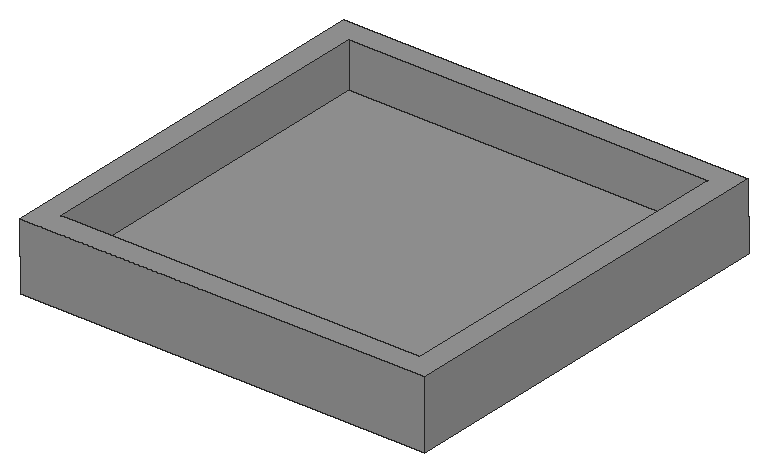
Revit family "Mop_Sink-Willoughby-WMS-36366", category Plumbing Fixtures, Revit 2015
Parameters (values of type "36366")
  Width = 3' - 0"
  Waste DIA = 1 1/2"
  Waste Connection = yes
  Wall Thickness = 0' - 2"
  Void Width/Depth = Width - 0' 4"  # 2' - 8"
  Void Height = Height - 0' 0 3/16"  # 0' - 5 13/16"
  Vent Connection = no
  URL = "https://www.willoughby-ind.com/wp-content/uploads/2018/01/WMS-MOP-SINK.pdf"
  Revision = "A"
  Model = "WMS-36366"
  Manufacturer = "Willoughby Industries"
  Height = 0' - 6"
  HW Connection = no
  Fixture Body = Stainless Steel AISI 304-Willoughby
  Drain Depth = Depth / 2  # 1' - 6.10678"
  Description = "Mop Sink, 36\" X 36\" X 6\""
  Depth = 3' - 0.21357"
  Default Elevation = 0' - 0"
  Contact = "800-428-4065"
  CW Connection = no
Reference planes (in)
  plane 1 "Center (Front/Back) Floor Level": y = 0
  plane 2: z = 0
  plane 3 "Center (Left/Right)": x = 0
  plane 4 "Left Side": x = -18
  plane 5 "Right Side": x = 18
  plane 6 "Front of sink": z = 24
  plane 7 "Drain": z = 12
Forms (in)
  Extrusion 1, solid, material "Stainless Steel AISI 304-Willoughby" <- "Fixture Body"
    sketch origin (0, 38.25, -14.25) x (0, -1, 0) y (1, 0, 0)
      loop
        line (-4, 18) -> (-4, -18) -> (32, -18) -> (32, 18) -> (-4, 18)
    from -34 to -28
  Extrusion 2, void
    sketch origin (0, 42, 19.75) x (-1, 0, 0) y (0, -1, 0)
      loop
        line (-16, 1.75) -> (16, 1.75) -> (16, 33.75) -> (-16, 33.75) -> (-16, 1.75)
    from -62 to -66
  Revolve 3, solid, material "Stainless Steel AISI 304-Willoughby" <- "Fixture Body", detail levels fine
    sketch origin (0, 26.89322, -14.25) x (0, 0, 1) y (0, -1, 0)
      loop
        line (-34.22858, 2) -> (-34, 2) -> (-34, 4.89322) -> (-34.22858, 4.89322)
        arc (-34.22858, 4.89322) -> (-34.58213, 4.74677) -> (-34.72858, 4.39322) r 0.5
        line (-34.72858, 4.39322) -> (-34.72858, 2.75) -> (-37.72858, 2.75) -> (-37.72858, 2) -> (-34.22858, 2)
      axis (-34, 2) -> (-37.72858, 2)
    angle from 0 to 360
Cuts and joins
  Extrusion 2 cuts Extrusion 1
Lines and regions (in)
  symbolic lines
    curve 1: line (-18, 28, 0) -> (-18, 34, 0)
    curve 2: line (-18, 34, 24) -> (-18, 34, 0)
    curve 3: line (-18, 34, 0) -> (18, 34, 0)
    curve 4: line (18, 34, 0) -> (18, 34, 24)
    curve 5: line (18, 34, 24) -> (-18, 34, 24)
    curve 12: line (0, 34, 24) -> (0, 28, 24)
    curve 13: line (0, 28, 24) -> (0, 28, 0)
    curve 14: line (0, 28, 0) -> (0, 34, 0)
    curve 15: line (0, 34, 0) -> (0, 34, 24)
    curve 16: arc (0, 28, 15) -> (0, 27.65043, 14.8552) -> (0, 27.50563, 14.50563) r 0.49437
    curve 17: line (0, 27.50563, 14.50563) -> (0, 27.50563, 9.45539)
    curve 18: arc (0, 27.50563, 9.45539) -> (0, 27.66219, 9.1277) -> (0, 28, 8.99438) r 0.49627
    curve 19: line (0, 24.5, 11.25) -> (0, 27.50563, 11.25)
    curve 20: line (0, 24.5, 11.25) -> (0, 24.5, 12.75)
    curve 21: line (0, 24.5, 12.75) -> (0, 27.50563, 12.75)
    curve 22: line (18, 34, 0) -> (18, 28, 0)
  symbolic lines, detail levels medium+fine
    curve 6: line (-16, 34, 22) -> (-16, 34, 2)
    curve 7: line (-16, 34, 2) -> (16, 34, 2)
    curve 8: line (16, 34, 2) -> (16, 34, 22)
    curve 9: line (16, 34, 22) -> (-16, 34, 22)
  symbolic lines, detail levels fine
    curve 10: circle (0, 34, 12) r 0.75 normal (0, 1, 0)
    curve 11: circle (0, 34, 12) r 3 normal (0, 1, 0)
Dimensions and locks (in)
  equal spacing: plane 4 "Left Side", plane 3 "Center (Left/Right)", plane 5 "Right Side"
  "Width": plane 4 "Left Side" to plane 5 "Right Side"
  locked: cut or joined group of Extrusion 1, Extrusion 2 to cut or joined group of Extrusion 1, Extrusion 2 at 2  (x2)
  "Width": cut or joined group of Extrusion 1, Extrusion 2 to cut or joined group of Extrusion 1, Extrusion 2
  "Void Width/Depth": cut or joined group of Extrusion 1, Extrusion 2 to cut or joined group of Extrusion 1, Extrusion 2  (x2)
  cut or joined group of Extrusion 1, Extrusion 2 to Revolve 3 sketch curve = 1' - 5.35678"  (x2)
  "Drain Depth": cut or joined group of Extrusion 1, Extrusion 2 to Revolve 3 sketch curve
  "Wall Thickness": cut or joined group of Extrusion 1, Extrusion 2 to cut or joined group of Extrusion 1, Extrusion 2
  aligned and locked: Extrusion 1 to plane 4 "Left Side"
  aligned and locked: plane 5 "Right Side" to Extrusion 1
  aligned and locked: Revolve 3 sketch curve to Revolve 3 sketch curve  (x2)
  aligned and locked: Extrusion 1 to Extrusion 2
Automatic sketch dimensions
  curve 15 to level = 0' - 0"
  curve 13 to plane 6 "Front of sink" = 0' - 0"
  curve 19 to plane 7 "Drain" = 0' - 0 3/4"
  curve 19 to curve 19 = 0' - 3.00563"
  curve 17 to curve 19 = 0' - 1.79461"
  curve 18 to curve 18 = 0' - 0.03526"
  plane 7 "Drain" to curve 21 = 0' - 0 3/4"
  curve 21 to curve 16 = 0' - 1.75563"
  Extrusion 1 sketch curve to plane 5 "Right Side" = 0' - 0"
  Extrusion 1 sketch curve to plane 4 "Left Side" = 0' - 0"
  plane 5 "Right Side" to Extrusion 2 sketch curve = 0' - 2"
  Extrusion 2 sketch curve to plane 4 "Left Side" = 0' - 2"
  curve 10 to curve 11 = 0' - 0"  (x2)
  plane 5 "Right Side" to curve 4 = 0' - 0"
  curve 10 to plane 3 "Center (Left/Right)" = 0' - 0"
  curve 3 to level = 0' - 0"
  plane 4 "Left Side" to curve 3 = 0' - 0"
  curve 10 to plane 7 "Drain" = 0' - 0"
  curve 5 to plane 6 "Front of sink" = 0' - 0"
  plane 5 "Right Side" to curve 7 = 0' - 2"
  curve 9 to plane 4 "Left Side" = 0' - 2"
  level to curve 6 = 0' - 2"
  curve 9 to plane 6 "Front of sink" = 0' - 2"
  curve 12 to curve 12 = 0' - 6"
  curve 17 to curve 18 = 0' - 0.49501"
  Extrusion 1 sketch curve to plane 1 "Center (Front/Back) Floor Level" = 0' - 6 1/4"
  curve 1 to plane 4 "Left Side" = 0' - 0"
  curve 22 to plane 5 "Right Side" = 0' - 0"
  curve 1 to curve 1 = 0' - 6"
  curve 21 to plane 1 "Center (Front/Back) Floor Level" = 2' - 0 1/2"
  curve 16 to curve 16 = 0' - 0.49437"
  Extrusion 1 sketch curve to Extrusion 1 sketch curve = 3' - 0"
  Extrusion 2 sketch curve to plane 1 "Center (Front/Back) Floor Level" = 3' - 4 1/4"
  Extrusion 2 sketch curve to Extrusion 2 sketch curve = 2' - 8"
  curve 22 to plane 1 "Center (Front/Back) Floor Level" = 2' - 10"
  curve 1 to curve 22 = 0' - 0"
  curve 22 to curve 22 = 0' - 6"
  Revolve 3 sketch curve to level = 4' - 3.97858"
  Revolve 3 sketch curve to Revolve 3 sketch curve = 0' - 3"
  Revolve 3 sketch curve to Revolve 3 sketch curve = 0' - 0 1/2"  (x2)
  Revolve 3 sketch curve to Revolve 3 sketch curve = 0' - 0.22858"
  Revolve 3 sketch curve to Revolve 3 sketch curve = 0' - 1.64322"
  Revolve 3 sketch curve to Revolve 3 sketch curve = 0' - 0.02142"
  radius of curve 10 = 0' - 0 3/4"
  radius of curve 11 = 0' - 3"
Connectors (in)
  piping at (0, 24.89322, -51.97858), diameter 1.5, driven by "Waste DIA", driven by "Waste Connection"
    settings: on Revolve 3, index 1, connector inside diameter 24", connector length 0' - 0", flow factor 0, pipe flow 0 GPM, pressure drop 0.00 psi, fitting loss kfactor 0, connector angle 0.00°, fixture units 0, engagement length 0' - 0", angle of deflection 0.00°, flow configuration 0, flow direction 2, fitting loss method 0, system type 16, joint type 0, gender type 0, connector reference index -1, connector utility 1, adjustable connector no, is connector primary yes, connector description "Sink Waste"
